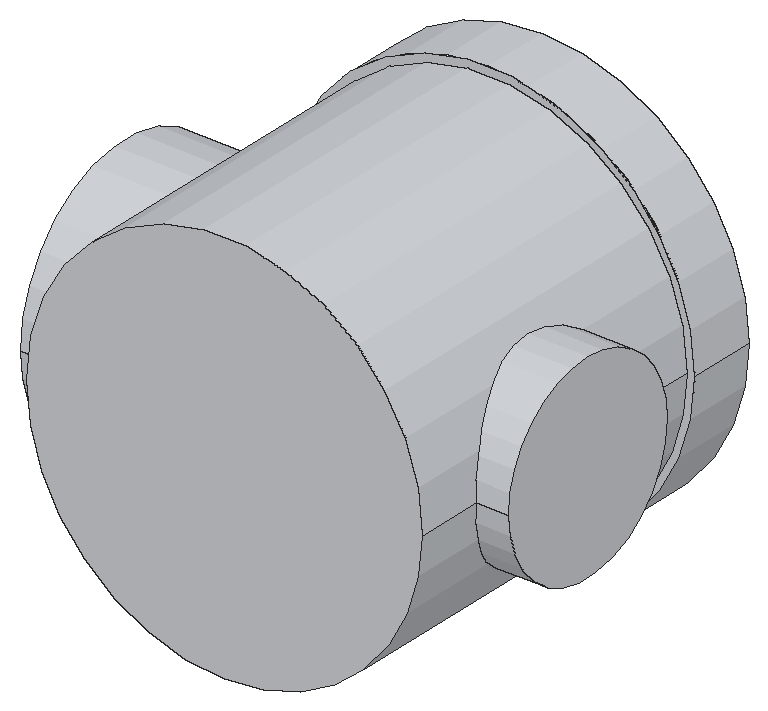
Revit family "M_Round Cross with Cap", category Duct Fittings, Revit 2014
Parameters (values of type "Standard")
  Shoulder Length [instance] = 25 mm
  Duct Radius 3 [instance] = 150 mm
  Duct Radius 2 [instance] = 75 mm
  Duct Radius 1 [instance] = 100 mm
  Duct Length 4 [instance] = 50.8 mm  # constant formula
  Duct Length 2 [instance] = if(Duct Radius 2 > Duct Radius 1, Duct Radius 2 + Shoulder Length, Duct Radius 1 + Shoulder Length)  # 125 mm
  Duct Length 1 [instance] = Duct Radius 3 + Shoulder Length  # 175 mm
  Duct Diameter 3 [instance] = Duct Radius 3 * 2  # 300 mm
  Duct Diameter 2 [instance] = Duct Radius 2 * 2  # 150 mm
  Duct Diameter 1 [instance] = Duct Radius 1 * 2  # 200 mm
  Cap Radius [instance] = Duct Radius 3 + 6 mm  # 156 mm
Reference planes
  plane 1 "Center (Front/Back)": y = 0
  plane 2: z = 0
  plane 3 "Center (Left/Right)": x = 0
  plane 4: y = 125
  plane 5: x = -175
  plane 6: x = 175
  plane 7: y = -125
  plane 8: y = 175.8
  plane 9: x = -156
  plane 10: x = 156
Forms (mm)
  Sweep 1, solid, detail levels medium+fine
    path in 3D
      loop
        line (0, -125, 0) -> (0, 125, 0)
    profile origin (0, 0, 0) x (-1, 0, 0) y (0, 0, 1)
      loop
        circle (0, 0) r 150
  Sweep 2, solid, detail levels medium+fine
    path in 3D
      loop
        line (-175, 0, 0) -> (0, 0, 0)
    profile origin (-87.5, 0, 0) x (0, 1, 0) y (0, 0, 1)
      loop
        circle (0, 0) r 100
  Sweep 3, solid, detail levels medium+fine
    path in 3D
      loop
        line (0, 0, 0) -> (175, 0, 0)
    profile origin (87.5, 0, 0) x (0, 1, 0) y (0, 0, 1)
      loop
        circle (0, 0) r 75
  Sweep 4, solid, detail levels medium+fine
    path in 3D
      loop
        line (0, 125, 0) -> (0, 175.8, 0)
    profile origin (0, 150.4, 0) x (-1, 0, 0) y (0, 0, 1)
      loop
        circle (0, 0) r 156
Cuts and joins
  joined: Sweep 1, Sweep 2, Sweep 3, Sweep 4
Lines and regions (mm)
  model lines, detail levels coarse
    curve 1: line (-175, 0, 0) -> (0, 0, 0)
    curve 2: line (0, -125, 0) -> (0, 125, 0)
    curve 5: line (0, 0, 0) -> (175, 0, 0)
    curve 7: line (0, 125, 0) -> (0, 175.8, 0)
    curve 10: line (-156, 125, 0) -> (-156, 175.8, 0)
    curve 11: line (-156, 175.8, 0) -> (156, 175.8, 0)
    curve 12: line (156, 175.8, 0) -> (156, 125, 0)
  sketch lines
    curve 3: line (0, -125, 0) -> (0, 125, 0)
    curve 4: line (-175, 0, 0) -> (0, 0, 0)
    curve 6: line (0, 0, 0) -> (175, 0, 0)
    curve 8: line (0, 125, 0) -> (0, 175.8, 0)
  model lines, not visible, detail levels coarse
    curve 9: line (0, 125, 0) -> (0, 175.8, 0)
Dimensions and locks
  equal spacing: plane 5, plane 3 "Center (Left/Right)", plane 6
  "Duct Length 1": plane 5 to plane 3 "Center (Left/Right)"
  "Duct Length 2": plane 4 to plane 1 "Center (Front/Back)"
  "Duct Length 2": plane 1 "Center (Front/Back)" to plane 7
  "Duct Length 4": plane 8 to plane 4
  equal spacing: plane 9, plane 3 "Center (Left/Right)", plane 10
  "Cap Radius": plane 9 to plane 3 "Center (Left/Right)"
  "Duct Radius 3": radius of Sweep 1 sketch curve
  "Duct Radius 1": radius of Sweep 2 sketch curve
  "Duct Radius 2": radius of Sweep 3 sketch curve
  "Cap Radius": radius of Sweep 4 sketch curve
  aligned and locked: plane 5 to curve 1
  aligned and locked: plane 3 "Center (Left/Right)" to Sweep 1 sketch curve
  aligned and locked: plane 2 to Sweep 1 sketch curve
  aligned and locked: plane 1 "Center (Front/Back)" to Sweep 2 sketch curve
  aligned and locked: plane 2 to Sweep 2 sketch curve
  aligned and locked: plane 3 "Center (Left/Right)" to curve 1
  aligned and locked: plane 7 to curve 2
  aligned and locked: plane 1 "Center (Front/Back)" to curve 5
  aligned and locked: plane 6 to curve 5
  aligned and locked: plane 1 "Center (Front/Back)" to Sweep 3 sketch curve
  aligned and locked: plane 2 to Sweep 3 sketch curve
  aligned and locked: plane 8 to curve 7
  aligned and locked: plane 3 "Center (Left/Right)" to Sweep 4 sketch curve
  aligned and locked: plane 2 to Sweep 4 sketch curve
  aligned and locked: plane 4 to curve 10
  aligned and locked: plane 4 to curve 12
  aligned and locked: plane 8 to curve 11
  aligned and locked: curve 10 to plane 9
  aligned and locked: plane 10 to curve 12
  aligned and locked: plane 9 to curve 11
Automatic sketch dimensions
  curve 1 to plane 1 "Center (Front/Back)" = 0 mm
  curve 2 to plane 4 = 0 mm
Connectors
  hvac at (-175, 0, 0), driven by "Duct Radius 1"
    settings: on Sweep 2, index 1, duct flow 0.0 L/s, flow factor 0, pres drop 0.0 Pa, loss coef 0, conn angle 0.00°, conn width 304.8 mm, conn height 304.8 mm, conn diameter 200 mm, duct sys type 28, conn prof type 0, flow config 0, flow direction 0, loss method 0, conn ref index 2, conn util no, is conn primary yes, conn desc ""
  hvac at (175, 0, 0), driven by "Duct Radius 2"
    settings: on cut or joined group of Sweep 1, Sweep 2, Sweep 3, Sweep 4, index 2, duct flow 0.0 L/s, flow factor 0, pres drop 0.0 Pa, loss coef 0, conn angle 0.00°, conn width 304.8 mm, conn height 304.8 mm, conn diameter 150 mm, duct sys type 28, conn prof type 0, flow config 0, flow direction 0, loss method 0, conn ref index 1, conn util no, is conn primary no, conn desc ""
  hvac at (0, -125, 0), driven by "Duct Radius 3"
    settings: on cut or joined group of Sweep 1, Sweep 2, Sweep 3, Sweep 4, index 3, duct flow 0.0 L/s, flow factor 0, pres drop 0.0 Pa, loss coef 0, conn angle 0.00°, conn width 304.8 mm, conn height 304.8 mm, conn diameter 300 mm, duct sys type 28, conn prof type 0, flow config 0, flow direction 0, loss method 0, conn ref index -1, conn util no, is conn primary no, conn desc ""
